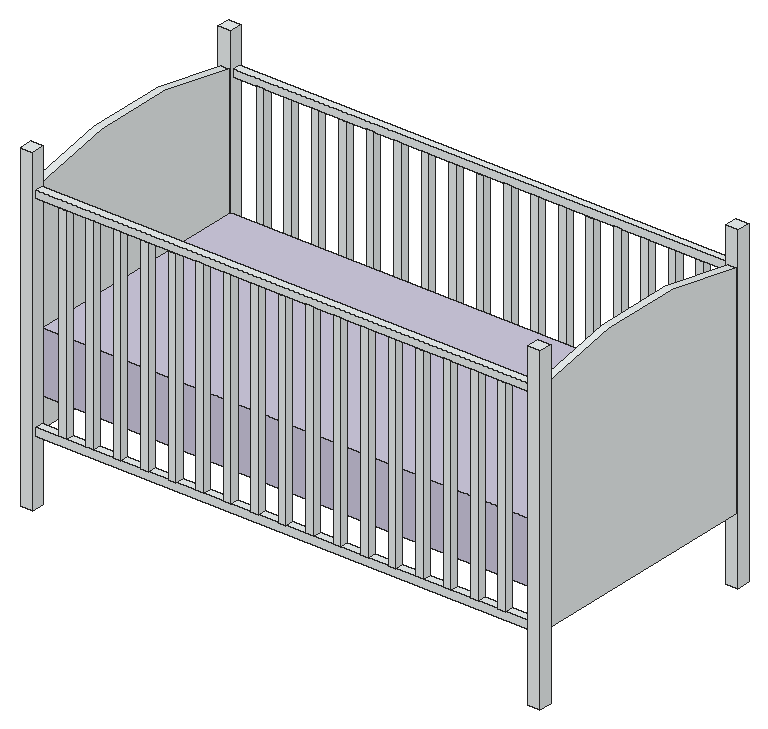
Revit family
Parameters (values of type "1300 x 260 x 800mm")
  Material Mattress = Cloth - Pattern
  Material Frame = Paint - White
  Keynote = "N"
Reference planes
  plane 1 "Center F/B": y = 0
  plane 2: z = -4.762
  plane 3 "Center L/R": x = 0
  plane 4: y = -323.85
  plane 5: y = 323.85
  plane 6: x = -647.7
  plane 7: x = 647.7
  plane 8: z = 795.338
  plane 9: x = -615.95
  plane 10: x = 615.95
  plane 11: y = -292.1
  plane 12: y = 292.1
  plane 13: z = 395.287
  plane 14: x = -641.35
  plane 15: x = -622.3
  plane 16: x = -641.35
  plane 17: x = -622.3
  plane 18: y = -317.5
  plane 19: y = -298.45
  plane 20: y = 317.5
  plane 21: y = 298.45
  plane 22: x = 622.3
  plane 23: x = 641.35
  plane 24: x = 622.3
  plane 25: z = 165.252
  plane 26: z = 752.324
  plane 27: z = 714.224
  plane 28: x = -622.3
  plane 29: x = -547.511
  plane 30: x = -479.072
  plane 31: x = -410.633
  plane 32: x = -342.194
  plane 33: x = -273.756
  plane 34: x = -205.317
  plane 35: x = -136.878
  plane 36: x = -68.439
  plane 37: x = 68.439
  plane 38: x = 136.878
  plane 39: x = 205.317
  plane 40: x = 273.756
  plane 41: x = 342.194
  plane 42: x = 410.633
  plane 43: x = 479.072
  plane 44: x = 547.511
Forms (mm)
  Extrusion 1, solid, material "Cloth - Pattern" <- "Material Mattress"
    sketch origin (0, 0, 0) x (1, 0, 0) y (0, 1, 0)
      loop
        line (-615.95, -292.1) -> (615.95, -292.1) -> (615.95, 292.1) -> (-615.95, 292.1) -> (-615.95, -292.1)
    from 242.888 to 395.288
  Extrusion 2, solid, material "Paint - White" <- "Material Frame"
    sketch origin (0, 0, 0) x (1, 0, 0) y (0, 1, 0)
      loop
        line (-647.7, 323.85) -> (-647.7, 292.1) -> (-615.95, 292.1) -> (-615.95, 323.85) -> (-647.7, 323.85)
      loop
        line (615.95, 292.1) -> (647.7, 292.1) -> (647.7, 323.85) -> (615.95, 323.85) -> (615.95, 292.1)
      loop
        line (615.95, -292.1) -> (615.95, -323.85) -> (647.7, -323.85) -> (647.7, -292.1) -> (615.95, -292.1)
      loop
        line (-615.95, -292.1) -> (-647.7, -292.1) -> (-647.7, -323.85) -> (-615.95, -323.85) -> (-615.95, -292.1)
    from 0 to 800.1
  Extrusion 3, solid, material "Paint - White" <- "Material Frame"
    sketch origin (-615.95, 292.1, 395.288) x (0, 0, -1) y (0, -1, 0)
      loop
        arc (-318.936, 584.2) -> (-360.744, 292.1) -> (-318.936, 0) r 1041.326
        line (-318.936, 0) -> (230.036, 0) -> (230.036, 584.2) -> (-318.936, 584.2)
    from 6.35 to 25.4
  Extrusion 4, solid, material "Paint - White" <- "Material Frame"
    sketch origin (615.95, -292.1, 395.288) x (0, 0, -1) y (0, 1, 0)
      loop
        arc (-318.936, 584.2) -> (-360.741, 292.1) -> (-318.936, 0) r 1041.4
        line (-318.936, 0) -> (230.036, 0) -> (230.036, 584.2) -> (-318.936, 584.2)
    from 6.35 to 25.4
  Extrusion 5, solid, material "Paint - White" <- "Material Frame"
    sketch origin (0, 0, 0) x (1, 0, 0) y (0, 1, 0)
      loop
        line (-615.95, -317.5) -> (615.95, -317.5) -> (615.95, -298.45) -> (-615.95, -298.45) -> (-615.95, -317.5)
    from 184.302 to 165.252
  Extrusion 6, solid, material "Paint - White" <- "Material Frame"
    sketch origin (0, 0, 0) x (1, 0, 0) y (0, 1, 0)
      loop
        line (-615.95, -317.5) -> (615.95, -317.5) -> (615.95, -298.45) -> (-615.95, -298.45) -> (-615.95, -317.5)
    from 695.174 to 714.224
  Extrusion 7, solid, material "Paint - White" <- "Material Frame"
    sketch origin (1.913, 0, 0) x (1, 0, 0) y (0, 1, 0)
      loop
        line (-558.949, -298.45) -> (-558.949, -317.5) -> (-539.899, -317.5) -> (-539.899, -298.45) -> (-558.949, -298.45)
    from 184.302 to 695.174
  Extrusion 8, solid, material "Paint - White" <- "Material Frame"
    sketch origin (72.16, 0, 0) x (1, 0, 0) y (0, 1, 0)
      loop
        line (-560.757, -298.45) -> (-560.757, -317.5) -> (-541.707, -317.5) -> (-541.707, -298.45) -> (-560.757, -298.45)
    from 184.302 to 695.174
  Extrusion 9, solid, material "Paint - White" <- "Material Frame"
    sketch origin (139.7, 0, 0) x (1, 0, 0) y (0, 1, 0)
      loop
        line (-560.224, -298.45) -> (-560.224, -317.5) -> (-541.174, -317.5) -> (-541.174, -298.45) -> (-560.224, -298.45)
    from 184.302 to 695.174
  Extrusion 10, solid, material "Paint - White" <- "Material Frame"
    sketch origin (210.313, 0, 0) x (1, 0, 0) y (0, 1, 0)
      loop
        line (-562.033, -298.45) -> (-562.033, -317.5) -> (-542.983, -317.5) -> (-542.983, -298.45) -> (-562.033, -298.45)
    from 184.302 to 695.174
  Extrusion 11, solid, material "Paint - White" <- "Material Frame"
    sketch origin (285.244, 0, 0) x (1, 0, 0) y (0, 1, 0)
      loop
        line (-568.524, -298.45) -> (-568.524, -317.5) -> (-549.474, -317.5) -> (-549.474, -298.45) -> (-568.524, -298.45)
    from 184.302 to 695.174
  Extrusion 12, solid, material "Paint - White" <- "Material Frame"
    sketch origin (353.149, 0, 0) x (1, 0, 0) y (0, 1, 0)
      loop
        line (-567.991, -298.45) -> (-567.991, -317.5) -> (-548.941, -317.5) -> (-548.941, -298.45) -> (-567.991, -298.45)
    from 184.302 to 695.174
  Extrusion 13, solid, material "Paint - White" <- "Material Frame"
    sketch origin (421.055, 0, 0) x (1, 0, 0) y (0, 1, 0)
      loop
        line (-567.458, -298.45) -> (-567.458, -317.5) -> (-548.408, -317.5) -> (-548.408, -298.45) -> (-567.458, -298.45)
    from 184.302 to 695.174
  Extrusion 14, solid, material "Paint - White" <- "Material Frame"
    sketch origin (488.95, 0, 0) x (1, 0, 0) y (0, 1, 0)
      loop
        line (-566.925, -298.45) -> (-566.925, -317.5) -> (-547.875, -317.5) -> (-547.875, -298.45) -> (-566.925, -298.45)
    from 184.302 to 695.174
  Extrusion 15, solid, material "Paint - White" <- "Material Frame"
    sketch origin (555.625, 0, 0) x (1, 0, 0) y (0, 1, 0)
      loop
        line (-565.15, -298.45) -> (-565.15, -317.5) -> (-546.1, -317.5) -> (-546.1, -298.45) -> (-565.15, -298.45)
    from 184.302 to 695.174
  Extrusion 16, solid, material "Paint - White" <- "Material Frame"
    sketch origin (629.455, 0, 0) x (1, 0, 0) y (0, 1, 0)
      loop
        line (-570.541, -298.45) -> (-570.541, -317.5) -> (-551.491, -317.5) -> (-551.491, -298.45) -> (-570.541, -298.45)
    from 184.302 to 695.174
  Extrusion 17, solid, material "Paint - White" <- "Material Frame"
    sketch origin (704.386, 0, 0) x (1, 0, 0) y (0, 1, 0)
      loop
        line (-577.033, -298.45) -> (-577.033, -317.5) -> (-557.983, -317.5) -> (-557.983, -298.45) -> (-577.033, -298.45)
    from 184.302 to 695.174
  Extrusion 18, solid, material "Paint - White" <- "Material Frame"
    sketch origin (767.608, 0, 0) x (1, 0, 0) y (0, 1, 0)
      loop
        line (-571.817, -298.45) -> (-571.817, -317.5) -> (-552.767, -317.5) -> (-552.767, -298.45) -> (-571.817, -298.45)
    from 184.302 to 695.174
  Extrusion 19, solid, material "Paint - White" <- "Material Frame"
    sketch origin (840.197, 0, 0) x (1, 0, 0) y (0, 1, 0)
      loop
        line (-575.967, -298.45) -> (-575.967, -317.5) -> (-556.917, -317.5) -> (-556.917, -298.45) -> (-575.967, -298.45)
    from 184.302 to 695.174
  Extrusion 20, solid, material "Paint - White" <- "Material Frame"
    sketch origin (912.786, 0, 0) x (1, 0, 0) y (0, 1, 0)
      loop
        line (-580.117, -298.45) -> (-580.117, -317.5) -> (-561.067, -317.5) -> (-561.067, -298.45) -> (-580.117, -298.45)
    from 184.302 to 695.174
  Extrusion 21, solid, material "Paint - White" <- "Material Frame"
    sketch origin (976.009, 0, 0) x (1, 0, 0) y (0, 1, 0)
      loop
        line (-574.9, -298.45) -> (-574.9, -317.5) -> (-555.85, -317.5) -> (-555.85, -298.45) -> (-574.9, -298.45)
    from 184.302 to 695.174
  Extrusion 22, solid, material "Paint - White" <- "Material Frame"
    sketch origin (1050.925, 0, 0) x (1, 0, 0) y (0, 1, 0)
      loop
        line (-581.378, -298.45) -> (-581.378, -317.5) -> (-562.328, -317.5) -> (-562.328, -298.45) -> (-581.378, -298.45)
    from 184.302 to 695.174
  Extrusion 23, solid, material "Paint - White" <- "Material Frame"
    sketch origin (1123.528, 0, 0) x (1, 0, 0) y (0, 1, 0)
      loop
        line (-585.542, -298.45) -> (-585.542, -317.5) -> (-566.492, -317.5) -> (-566.492, -298.45) -> (-585.542, -298.45)
    from 184.302 to 695.174
  Extrusion 24, solid, material "Paint - White" <- "Material Frame"
    sketch origin (0, 615.95, 0) x (1, 0, 0) y (0, 1, 0)
      loop
        line (-615.95, -317.5) -> (615.95, -317.5) -> (615.95, -298.45) -> (-615.95, -298.45) -> (-615.95, -317.5)
    from 184.302 to 165.252
  Extrusion 25, solid, material "Paint - White" <- "Material Frame"
    sketch origin (0, 615.95, 0) x (1, 0, 0) y (0, 1, 0)
      loop
        line (-615.95, -317.5) -> (615.95, -317.5) -> (615.95, -298.45) -> (-615.95, -298.45) -> (-615.95, -317.5)
    from 695.174 to 714.224
  Extrusion 26, solid, material "Paint - White" <- "Material Frame"
    sketch origin (8.114, 615.95, 0) x (1, 0, 0) y (0, 1, 0)
      loop
        line (-565.15, -298.45) -> (-565.15, -317.5) -> (-546.1, -317.5) -> (-546.1, -298.45) -> (-565.15, -298.45)
    from 184.302 to 695.174
  Extrusion 27, solid, material "Paint - White" <- "Material Frame"
    sketch origin (76.553, 615.95, 0) x (1, 0, 0) y (0, 1, 0)
      loop
        line (-565.15, -298.45) -> (-565.15, -317.5) -> (-546.1, -317.5) -> (-546.1, -298.45) -> (-565.15, -298.45)
    from 184.302 to 695.174
  Extrusion 28, solid, material "Paint - White" <- "Material Frame"
    sketch origin (144.992, 615.95, 0) x (1, 0, 0) y (0, 1, 0)
      loop
        line (-565.15, -298.45) -> (-565.15, -317.5) -> (-546.1, -317.5) -> (-546.1, -298.45) -> (-565.15, -298.45)
    from 184.302 to 695.174
  Extrusion 29, solid, material "Paint - White" <- "Material Frame"
    sketch origin (213.431, 615.95, 0) x (1, 0, 0) y (0, 1, 0)
      loop
        line (-565.15, -298.45) -> (-565.15, -317.5) -> (-546.1, -317.5) -> (-546.1, -298.45) -> (-565.15, -298.45)
    from 184.302 to 695.174
  Extrusion 30, solid, material "Paint - White" <- "Material Frame"
    sketch origin (281.869, 615.95, 0) x (1, 0, 0) y (0, 1, 0)
      loop
        line (-565.15, -298.45) -> (-565.15, -317.5) -> (-546.1, -317.5) -> (-546.1, -298.45) -> (-565.15, -298.45)
    from 184.302 to 695.174
  Extrusion 31, solid, material "Paint - White" <- "Material Frame"
    sketch origin (350.308, 615.95, 0) x (1, 0, 0) y (0, 1, 0)
      loop
        line (-565.15, -298.45) -> (-565.15, -317.5) -> (-546.1, -317.5) -> (-546.1, -298.45) -> (-565.15, -298.45)
    from 184.302 to 695.174
  Extrusion 32, solid, material "Paint - White" <- "Material Frame"
    sketch origin (418.747, 615.95, 0) x (1, 0, 0) y (0, 1, 0)
      loop
        line (-565.15, -298.45) -> (-565.15, -317.5) -> (-546.1, -317.5) -> (-546.1, -298.45) -> (-565.15, -298.45)
    from 184.302 to 695.174
  Extrusion 33, solid, material "Paint - White" <- "Material Frame"
    sketch origin (487.186, 615.95, 0) x (1, 0, 0) y (0, 1, 0)
      loop
        line (-565.15, -298.45) -> (-565.15, -317.5) -> (-546.1, -317.5) -> (-546.1, -298.45) -> (-565.15, -298.45)
    from 184.302 to 695.174
  Extrusion 34, solid, material "Paint - White" <- "Material Frame"
    sketch origin (555.625, 615.95, 0) x (1, 0, 0) y (0, 1, 0)
      loop
        line (-565.15, -298.45) -> (-565.15, -317.5) -> (-546.1, -317.5) -> (-546.1, -298.45) -> (-565.15, -298.45)
    from 184.302 to 695.174
  Extrusion 35, solid, material "Paint - White" <- "Material Frame"
    sketch origin (624.064, 615.95, 0) x (1, 0, 0) y (0, 1, 0)
      loop
        line (-565.15, -298.45) -> (-565.15, -317.5) -> (-546.1, -317.5) -> (-546.1, -298.45) -> (-565.15, -298.45)
    from 184.302 to 695.174
  Extrusion 36, solid, material "Paint - White" <- "Material Frame"
    sketch origin (711.553, 615.95, 0) x (1, 0, 0) y (0, 1, 0)
      loop
        line (-584.2, -298.45) -> (-584.2, -317.5) -> (-565.15, -317.5) -> (-565.15, -298.45) -> (-584.2, -298.45)
    from 184.302 to 695.174
  Extrusion 37, solid, material "Paint - White" <- "Material Frame"
    sketch origin (767.608, 615.95, 0) x (1, 0, 0) y (0, 1, 0)
      loop
        line (-571.817, -298.45) -> (-571.817, -317.5) -> (-552.767, -317.5) -> (-552.767, -298.45) -> (-571.817, -298.45)
    from 184.302 to 695.174
  Extrusion 38, solid, material "Paint - White" <- "Material Frame"
    sketch origin (848.431, 615.95, 0) x (1, 0, 0) y (0, 1, 0)
      loop
        line (-584.2, -298.45) -> (-584.2, -317.5) -> (-565.15, -317.5) -> (-565.15, -298.45) -> (-584.2, -298.45)
    from 184.302 to 695.174
  Extrusion 39, solid, material "Paint - White" <- "Material Frame"
    sketch origin (912.786, 615.95, 0) x (1, 0, 0) y (0, 1, 0)
      loop
        line (-580.117, -298.45) -> (-580.117, -317.5) -> (-561.067, -317.5) -> (-561.067, -298.45) -> (-580.117, -298.45)
    from 184.302 to 695.174
  Extrusion 40, solid, material "Paint - White" <- "Material Frame"
    sketch origin (976.009, 615.95, 0) x (1, 0, 0) y (0, 1, 0)
      loop
        line (-574.9, -298.45) -> (-574.9, -317.5) -> (-555.85, -317.5) -> (-555.85, -298.45) -> (-574.9, -298.45)
    from 184.302 to 695.174
  Extrusion 41, solid, material "Paint - White" <- "Material Frame"
    sketch origin (1050.925, 615.95, 0) x (1, 0, 0) y (0, 1, 0)
      loop
        line (-581.378, -298.45) -> (-581.378, -317.5) -> (-562.328, -317.5) -> (-562.328, -298.45) -> (-581.378, -298.45)
    from 184.302 to 695.174
  Extrusion 42, solid, material "Paint - White" <- "Material Frame"
    sketch origin (1123.528, 615.95, 0) x (1, 0, 0) y (0, 1, 0)
      loop
        line (-585.542, -298.45) -> (-585.542, -317.5) -> (-566.492, -317.5) -> (-566.492, -298.45) -> (-585.542, -298.45)
    from 184.302 to 695.174
Lines and regions (mm)
  Masking region 1
    outline origin (0, 0, 0) x (1, 0, 0) y (0, 1, 0)
      loop
        line (-647.7, 323.85) -> (-647.7, 292.1) -> (-641.35, 292.1) -> (-641.35, -292.1) -> (-647.7, -292.1) -> (-647.7, -323.85) -> (-615.95, -323.85) -> (-615.95, -317.5) -> (615.95, -317.5) -> (615.95, -323.85) -> (647.7, -323.85) -> (647.7, -292.1) -> (641.35, -292.1) -> (641.35, 292.1) -> (647.7, 292.1) -> (647.7, 323.85) -> (615.95, 323.85) -> (615.95, 317.5) -> (-615.95, 317.5) -> (-615.95, 323.85) -> (-647.7, 323.85)
  symbolic lines
    curve 1: line (-647.7, 292.1, 0) -> (-615.95, 292.1, 0)
    curve 2: line (-647.7, 323.85, 0) -> (-647.7, 292.1, 0)
    curve 3: line (-615.95, 323.85, 0) -> (-647.7, 323.85, 0)
    curve 4: line (-615.95, 292.1, 0) -> (-615.95, 323.85, 0)
    curve 5: line (-647.7, -323.85, 0) -> (-615.95, -323.85, 0)
    curve 6: line (-647.7, -292.1, 0) -> (-647.7, -323.85, 0)
    curve 7: line (-615.95, -292.1, 0) -> (-647.7, -292.1, 0)
    curve 8: line (-615.95, -323.85, 0) -> (-615.95, -292.1, 0)
    curve 9: line (615.95, -323.85, 0) -> (647.7, -323.85, 0)
    curve 10: line (615.95, -292.1, 0) -> (615.95, -323.85, 0)
    curve 11: line (647.7, -292.1, 0) -> (615.95, -292.1, 0)
    curve 12: line (647.7, -323.85, 0) -> (647.7, -292.1, 0)
    curve 13: line (615.95, 292.1, 0) -> (647.7, 292.1, 0)
    curve 14: line (615.95, 323.85, 0) -> (615.95, 292.1, 0)
    curve 15: line (647.7, 323.85, 0) -> (615.95, 323.85, 0)
    curve 16: line (647.7, 292.1, 0) -> (647.7, 323.85, 0)
    curve 17: line (-615.95, -292.1, 0) -> (615.95, -292.1, 0)
    curve 18: line (-615.95, 292.1, 0) -> (-615.95, -292.1, 0)
    curve 19: line (615.95, 292.1, 0) -> (-615.95, 292.1, 0)
    curve 20: line (615.95, -292.1, 0) -> (615.95, 292.1, 0)
    curve 21: line (641.35, 292.1, 0) -> (622.3, 292.1, 0)
    curve 22: line (641.35, -292.1, 0) -> (641.35, 292.1, 0)
    curve 23: line (622.3, -292.1, 0) -> (641.35, -292.1, 0)
    curve 24: line (622.3, 292.1, 0) -> (622.3, -292.1, 0)
    curve 25: line (-641.35, 292.1, 0) -> (-615.95, 292.1, 0)
    curve 26: line (-641.35, -292.1, 0) -> (-641.35, 292.1, 0)
    curve 27: line (-615.95, -292.1, 0) -> (-641.35, -292.1, 0)
    curve 28: line (-615.95, 292.1, 0) -> (-615.95, -292.1, 0)
    curve 29: line (-615.95, -298.45, 0) -> (615.95, -298.45, 0)
    curve 30: line (-615.95, -317.5, 0) -> (-615.95, -298.45, 0)
    curve 31: line (615.95, -317.5, 0) -> (-615.95, -317.5, 0)
    curve 32: line (615.95, -298.45, 0) -> (615.95, -317.5, 0)
    curve 33: line (615.95, 298.45, 0) -> (-615.95, 298.45, 0)
    curve 34: line (615.95, 317.5, 0) -> (615.95, 298.45, 0)
    curve 35: line (-615.95, 317.5, 0) -> (615.95, 317.5, 0)
    curve 36: line (-615.95, 298.45, 0) -> (-615.95, 317.5, 0)
Dimensions and locks
  locked: plane 4 to plane 5 at 647.7
  equal spacing: plane 4, plane 1 "Center F/B", plane 5
  equal spacing: plane 6, plane 3 "Center L/R", plane 7
  locked: plane 6 to plane 7 at 1295.4
  locked: plane 6 to plane 9 at 31.75
  locked: plane 10 to plane 7 at 31.75
  locked: plane 12 to plane 5 at 31.75
  locked: plane 4 to plane 11 at 31.75
  equal spacing: plane 8, plane 13, plane 2, locked at 400.05 each
  locked: plane 8 to plane 2 at 800.1
  plane 8 to plane 26 to plane 27 = 43.014 mm, 38.1 mm
  plane 25 to plane 2 = 170.014 mm
  Extrusion 15 to plane 3 "Center L/R" to Extrusion 15 = 9.525 mm locked, 9.525 mm locked
  Extrusion 16 to plane 37 to Extrusion 16 = 9.525 mm locked, 9.525 mm locked
  Extrusion 17 to plane 38 to Extrusion 17 = 9.525 mm locked, 9.525 mm locked
  Extrusion 18 to plane 39 to Extrusion 18 = 9.525 mm locked, 9.525 mm locked
  Extrusion 19 to plane 40 to Extrusion 19 = 9.525 mm locked, 9.525 mm locked
  Extrusion 20 to plane 41 to Extrusion 20 = 9.525 mm locked, 9.525 mm locked
  Extrusion 21 to plane 42 to Extrusion 21 = 9.525 mm locked, 9.525 mm locked
  Extrusion 22 to plane 43 to Extrusion 22 = 9.525 mm locked, 9.525 mm locked
  Extrusion 23 to plane 44 to Extrusion 23 = 9.525 mm locked, 9.525 mm locked
  Extrusion 14 to plane 36 to Extrusion 14 = 9.514 mm locked, 9.536 mm locked
  Extrusion 13 to plane 35 to Extrusion 13 = 9.525 mm locked, 9.525 mm locked
  Extrusion 12 to plane 34 to Extrusion 12 = 9.525 mm locked, 9.525 mm locked
  Extrusion 11 to plane 33 to Extrusion 11 = 9.525 mm locked, 9.525 mm locked
  Extrusion 10 to plane 32 to Extrusion 10 = 9.525 mm locked, 9.525 mm locked
  Extrusion 9 to plane 31 to Extrusion 9 = 9.159 mm locked, 9.891 mm locked
  Extrusion 8 to plane 30 to Extrusion 8 = 9.525 mm locked, 9.525 mm locked
  Extrusion 7 to plane 29 to Extrusion 7 = 9.525 mm locked, 9.525 mm locked
  locked: Extrusion 1 to Extrusion 1 at 152.4
  aligned and locked: Extrusion 1 to plane 13
  aligned and locked: plane 25 to Extrusion 5
  aligned and locked: Extrusion 7 to Extrusion 6
  aligned and locked: Extrusion 7 to Extrusion 5
  aligned and locked: Extrusion 39 to Extrusion 20  (x2)
  aligned and locked: Extrusion 40 to Extrusion 21  (x2)
  aligned and locked: Extrusion 41 to Extrusion 22  (x2)
  aligned and locked: Extrusion 42 to Extrusion 23  (x2)
  aligned and locked: plane 17 to Extrusion 3
  aligned and locked: Extrusion 3 to plane 16
  aligned and locked: Masking region 1 sketch curve to Extrusion 2  (x12)
  aligned and locked: Extrusion 2 to Masking region 1 sketch curve  (x4)
  aligned and locked: Masking region 1 sketch curve to Extrusion 25
  aligned and locked: Masking region 1 sketch curve to Extrusion 3
  aligned and locked: Masking region 1 sketch curve to Extrusion 6
  aligned and locked: Masking region 1 sketch curve to Extrusion 4
